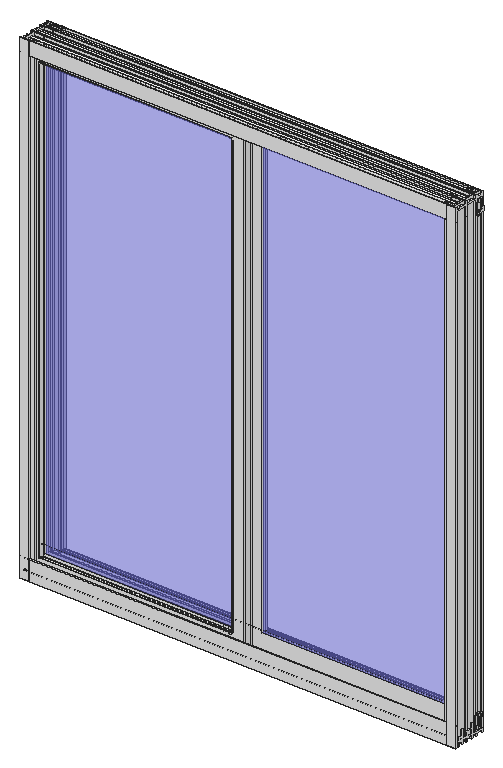
Revit family "DAL_A3-AGI-Hurricane-Sliding-Door-1829X2032", category Doors, host Wall, Revit 2016
Family settings
  Host = Wall
  Always vertical = Yes
  Cut with Voids When Loaded = No
  Shared = No
  Room Calculation Point = No
Parameters (values of type "AGI HURRICANE SLIDING DOOR 1829 X 2032")
  URL = "www.agi.co.za"
  Panel Width = Width / 2  # 914.5 mm
  Panel Height = Height - 60 mm  # 1972 mm
  Manufacturer = "AGI"
  Glass = Glass
  Function = Interior
  Frame Projection Ext. = 25 mm
  Frame Projection Int. = 25 mm
  Frame Width = 75 mm
  Height = 2032 mm
  Wall Closure = By host
  Width = 1829 mm
  Frame = Aluminium
Reference planes
  plane 1 "Center (Interior/Exterior)": y = 0
  plane 2 "Center (Left/Right)": x = 0
  plane 3 "Left": x = -914.5
  plane 4 "Right": x = 914.5
  plane 5: z = 2032
  plane 6 "Exterior": y = 75
  plane 7 "Interior": y = -75
  plane 8: x = -899.5
  plane 9: x = 899.5
Forms (mm)
  Sweep 1, solid, material "Aluminium" <- "Frame", detail levels medium+fine
    path origin (0, 0, 0) x (1, 0, 0) y (0, 0, 1)
      loop
        line (914.5, 0) -> (-914.5, 0)
    profile "HORIZONTAL side 2 frame profile : HORIZONTAL side 2 frame profile" origin (0, 0, 0) x (0, 0, -1) y (0, -1, 0)
      loop
        circle (-78.556, -42.746) r 2.183
      loop
        line (-74.056, -30.696) -> (-74.056, -50.658) -> (-68.556, -50.658) -> (-68.556, -45.177) -> (-66.556, -45.177) -> (-66.556, -52.658) -> (-74.056, -52.658) -> (-74.056, -62.658) -> (-59.594, -62.658) -> (-59.594, -54.658) -> (-23.594, -54.658) -> (-23.594, -45.177) -> (-33.594, -45.177)
        arc (-33.594, -45.177) -> (-31.094, -42.677) -> (-33.594, -40.177) r 2.5
        line (-33.594, -40.177) -> (-23.594, -40.177) -> (-23.594, -30.696) -> (-74.056, -30.696)
      loop
        line (-35.344, -12.481) -> (-17.882, -12.481) -> (-19.002, 8.886) -> (-24.445, 8.886)
        arc (-24.445, 8.886) -> (-34.344, 9.886) -> (-24.445, 10.886) r 5
        line (-24.445, 10.886) -> (-19.107, 10.886) -> (-20.241, 32.519) -> (-35.344, 32.519) -> (-35.344, 24.253) -> (-21.594, 24.253) -> (-21.594, 22.253) -> (-35.344, 22.253) -> (-35.344, -2.481) -> (-21.594, -2.481) -> (-21.594, -4.481) -> (-35.344, -4.481) -> (-35.344, -12.481)
      loop
        line (-14.738, -72.481) -> (0, -72.481) -> (0, -67.481) -> (-9.993, -67.481) -> (-11.042, -47.474)
        arc (-11.042, -47.474) -> (-9.21, -47.022) -> (-7.676, -45.923) r 5
        line (-7.676, -45.923) -> (-9.445, -44.154)
        arc (-9.445, -44.154) -> (-13.796, -42.677) -> (-9.73, -40.538) r 2.5
        line (-9.73, -40.538) -> (-7.958, -38.765)
        arc (-7.958, -38.765) -> (-9.634, -37.768) -> (-11.565, -37.488) r 5
        line (-11.565, -37.488) -> (-12.614, -17.481) -> (0, -17.481) -> (0, -12.481) -> (-12.876, -12.481) -> (-13.791, 4.982)
        arc (-13.791, 4.982) -> (-11.943, 5.439) -> (-10.395, 6.548) r 5.044
        line (-10.395, 6.548) -> (-12.164, 8.317)
        arc (-12.164, 8.317) -> (-16.595, 9.886) -> (-12.352, 11.91) r 2.544
        line (-12.352, 11.91) -> (0, 11.91) -> (0, 13.767) -> (-10.68, 13.767)
        arc (-10.68, 13.767) -> (-12.371, 14.774) -> (-14.319, 15.056) r 5.044
        line (-14.319, 15.056) -> (-15.234, 32.519) -> (0, 32.519) -> (0, 37.519) -> (-15.496, 37.519) -> (-16.019, 47.507)
        arc (-16.019, 47.507) -> (-14.188, 47.959) -> (-12.655, 49.057) r 5
        line (-12.655, 49.057) -> (-14.44, 50.842)
        arc (-14.44, 50.842) -> (-18.756, 52.37) -> (-14.623, 54.342) r 2.478
        line (-14.623, 54.342) -> (0, 54.342) -> (0, 56.216) -> (-12.935, 56.216)
        arc (-12.935, 56.216) -> (-14.612, 57.213) -> (-16.543, 57.493) r 5
        line (-16.543, 57.493) -> (-17.066, 67.481) -> (0, 67.481) -> (0, 72.481) -> (-83.056, 72.481) -> (-83.056, 67.481) -> (-22.073, 67.481) -> (-21.334, 53.37) -> (-24.445, 53.37)
        arc (-24.445, 53.37) -> (-34.344, 52.37) -> (-24.445, 51.37) r 5
        line (-24.445, 51.37) -> (-21.229, 51.37) -> (-20.503, 37.519) -> (-55, 37.519) -> (-55, 32.519) -> (-37.344, 32.519) -> (-37.344, 17.253) -> (-42.344, 17.253) -> (-42.344, 15.253) -> (-37.344, 15.253) -> (-37.344, -12.481) -> (-55, -12.481) -> (-55, -17.481) -> (-17.62, -17.481) -> (-16.352, -41.677) -> (-21.594, -41.677) -> (-21.594, -28.696) -> (-76.056, -28.696) -> (-76.056, -48.658) -> (-81.056, -48.658) -> (-81.056, -40.177) -> (-83.056, -40.177) -> (-83.056, -50.658) -> (-76.056, -50.658) -> (-76.056, -64.658) -> (-57.594, -64.658) -> (-57.594, -56.658) -> (-21.594, -56.658) -> (-21.594, -43.677) -> (-16.247, -43.677) -> (-14.738, -72.481)
  Sweep 2, solid, material "Aluminium" <- "Frame", detail levels medium+fine
    path origin (0, 0, 0) x (1, 0, 0) y (0, 0, 1)
      loop
        line (914.5, 2032) -> (914.5, 0)
    profile "SIDE Frame profile : SIDE Frame profile" origin (914.5, 0, 1016) x (1, 0, 0) y (0, -1, 0)
      loop
        line (-16, 55.481) -> (-18, 55.481) -> (-18, 20.481) -> (-58, 20.481) -> (-58, 11.481) -> (-73, 11.481) -> (-73, 9.481) -> (-50, 9.481) -> (-50, 11.481) -> (-56, 11.481) -> (-56, 18.481) -> (-16, 18.481) -> (-16, 55.481)
      loop
        line (-55, 62.481) -> (-55, 57.481) -> (-30, 57.481) -> (-30, 67.481) -> (-15, 67.481) -> (-15, 17.481) -> (-55, 17.481) -> (-55, 12.481) -> (-15, 12.481) -> (-15, -32.519) -> (-55, -32.519) -> (-55, -37.519) -> (-15, -37.519) -> (-15, -67.481) -> (-30, -67.481) -> (-30, -57.481) -> (-55, -57.481) -> (-55, -62.481) -> (-35, -62.481) -> (-35, -72.481) -> (0, -72.481) -> (0, -67.481) -> (-10, -67.481) -> (-10, -37.519) -> (0, -37.519) -> (0, -32.519) -> (-10, -32.519) -> (-10, 12.481) -> (0, 12.481) -> (0, 17.481) -> (-10, 17.481) -> (-10, 67.481) -> (0, 67.481) -> (0, 72.481) -> (-35, 72.481) -> (-35, 62.481) -> (-55, 62.481)
  Sweep 3, solid, material "Aluminium" <- "Frame", detail levels medium+fine
    path origin (0, 0, 0) x (1, 0, 0) y (0, 0, 1)
      loop
        line (-914.5, 2032) -> (-914.5, 0)
    profile "SIDE 2 Frame profile : SIDE 2 Frame profile" origin (-914.5, 0, 1016) x (1, 0, 0) y (0, -1, 0)
      loop
        circle (78.556, -42.784) r 2.183
      loop
        line (74.056, -40.734) -> (34.844, -40.734) -> (34.844, -54.696) -> (59.594, -54.696) -> (59.594, -70.481) -> (74.056, -70.481) -> (74.056, -52.696) -> (66.556, -52.696) -> (66.556, -45.215) -> (68.556, -45.215) -> (68.556, -50.696) -> (74.056, -50.696) -> (74.056, -40.734)
      loop
        line (76.056, -38.734) -> (21.594, -38.734) -> (21.594, -40.734) -> (32.344, -40.734) -> (32.344, -54.696) -> (21.594, -54.696) -> (21.594, -56.696) -> (57.594, -56.696) -> (57.594, -72.481) -> (76.056, -72.481) -> (76.056, -50.696) -> (83.056, -50.696) -> (83.056, -40.215) -> (81.056, -40.215) -> (81.056, -48.696) -> (76.056, -48.696) -> (76.056, -38.734)
      loop
        line (55, 62.481) -> (35, 62.481) -> (35, 72.481) -> (0, 72.481) -> (0, 67.481) -> (10, 67.481) -> (10, 17.481) -> (0, 17.481) -> (0, 12.481) -> (10, 12.481) -> (10, -32.519) -> (0, -32.519) -> (0, -37.519) -> (10, -37.519) -> (10, -67.481) -> (0, -67.481) -> (0, -72.481) -> (35, -72.481) -> (35, -62.481) -> (55, -62.481) -> (55, -57.481) -> (30, -57.481) -> (30, -67.481) -> (15, -67.481) -> (15, -37.519) -> (55, -37.519) -> (55, -32.519) -> (15, -32.519) -> (15, 12.481) -> (55, 12.481) -> (55, 17.481) -> (15, 17.481) -> (15, 67.481) -> (30, 67.481) -> (30, 57.481) -> (55, 57.481) -> (55, 62.481)
  Sweep 4, solid, material "Aluminium" <- "Frame", detail levels medium+fine
    path origin (0, 0, 0) x (1, 0, 0) y (0, 0, 1)
      loop
        line (-914.5, 2032) -> (914.5, 2032)
    profile "HORIZONTAL side frame profile : HORIZONTAL side frame profile" origin (0, 0, 2032) x (0, 0, 1) y (0, -1, 0)
      loop
        circle (-76.962, -52.568) r 2.183
      loop
        line (-72.462, -40.519) -> (-72.462, -60.481) -> (-66.962, -60.481) -> (-66.962, -55) -> (-64.962, -55) -> (-64.962, -62.481) -> (-72.462, -62.481) -> (-72.462, -72.481) -> (-58, -72.481) -> (-58, -64.481) -> (-22, -64.481) -> (-22, -55) -> (-32, -55)
        arc (-32, -55) -> (-29.5, -52.5) -> (-32, -50) r 2.5
        line (-32, -50) -> (-22, -50) -> (-22, -40.519) -> (-72.462, -40.519)
      loop
        line (-20, -38.519) -> (-74.462, -38.519) -> (-74.462, -58.481) -> (-79.462, -58.481) -> (-79.462, -50) -> (-81.462, -50) -> (-81.462, -60.481) -> (-74.462, -60.481) -> (-74.462, -74.481) -> (-56, -74.481) -> (-56, -66.481) -> (-20, -66.481) -> (-20, -38.519)
      loop
        line (-55, 72.481) -> (-55, 67.481) -> (-15, 67.481) -> (-15, 17.481) -> (-55, 17.481) -> (-55, 12.481) -> (-15, 12.481) -> (-15, -32.519) -> (-55, -32.519) -> (-55, -37.519) -> (-15, -37.519) -> (-15, -67.481) -> (-55, -67.481) -> (-55, -72.481) -> (0, -72.481) -> (0, -67.481) -> (-10, -67.481) -> (-10, -62.5)
        arc (-10, -62.5) -> (-6.173, -61.739) -> (-2.929, -59.571) r 10
        line (-2.929, -59.571) -> (-8.232, -54.268)
        arc (-8.232, -54.268) -> (-12.5, -52.5) -> (-8.232, -50.732) r 2.5
        line (-8.232, -50.732) -> (-2.929, -45.429)
        arc (-2.929, -45.429) -> (-6.173, -43.261) -> (-10, -42.5) r 10
        line (-10, -42.5) -> (-10, -37.519) -> (0, -37.519) -> (0, -32.519) -> (-10, -32.519) -> (-10, -20.019)
        arc (-10, -20.019) -> (-6.173, -19.258) -> (-2.929, -17.09) r 10
        line (-2.929, -17.09) -> (-8.232, -11.787)
        arc (-8.232, -11.787) -> (-12.5, -10.019) -> (-8.232, -8.251) r 2.5
        line (-8.232, -8.251) -> (-2.929, -2.948)
        arc (-2.929, -2.948) -> (-6.173, -0.78) -> (-10, -0.019) r 10
        line (-10, -0.019) -> (-10, 12.481) -> (0, 12.481) -> (0, 17.481) -> (-10, 17.481) -> (-10, 32.481)
        arc (-10, 32.481) -> (-6.173, 33.242) -> (-2.929, 35.41) r 10
        line (-2.929, 35.41) -> (-8.232, 40.713)
        arc (-8.232, 40.713) -> (-12.5, 42.481) -> (-8.232, 44.249) r 2.5
        line (-8.232, 44.249) -> (-2.929, 49.552)
        arc (-2.929, 49.552) -> (-6.173, 51.72) -> (-10, 52.481) r 10
        line (-10, 52.481) -> (-10, 67.481) -> (0, 67.481) -> (0, 72.481) -> (-55, 72.481)
Lines and regions (mm)
  Opening 1
    outline origin (-3050, -75, 0) x (1, 0, 0) y (0, 0, 1)
      loop
        line (2135.5, 0) -> (3964.5, 0) -> (3964.5, 2032) -> (2135.5, 2032) -> (2135.5, 0)
  symbolic lines, style "Overhead", detail levels coarse
    curve 1: line (-914.5, 75, 0) -> (914.5, 75, 0)
    curve 2: line (914.5, -75, 0) -> (-914.5, -75, 0)
  symbolic lines, style "Plan Swing"
    curve 3: line (524.605, 103.284, 0) -> (344.605, 103.284, 0)
    curve 4: line (344.605, 103.284, 0) -> (372.889, 131.569, 0)
    curve 5: line (344.605, 103.284, 0) -> (372.889, 75, 0)
  symbolic lines, style "Elevation Swing"
    curve 6: line (527, 0, 1023.344) -> (366, 0, 1023.344)
    curve 7: line (366, 0, 1023.344) -> (394.284, 0, 1051.628)
    curve 8: line (366, 0, 1023.344) -> (394.284, 0, 995.06)
  symbolic lines, style "DoorsPanelProjection", detail levels coarse
    curve 9: line (-914.5, -32.519, 0) -> (0, -32.519, 0)
    curve 10: line (0, 12.019, 0) -> (914.5, 12.019, 0)
Text (mm)
  text "Exterior" at (-2295.016, 1099.543, 0), in view "Ref. Level"
  text "Exterior" at (0, 1615.38, 3698.081), in view "Left"
  text "Exterior" at (0, 1036.032, 3874.932), in view "Right"
Dimensions and locks
  equal spacing: plane 3 "Left", plane 2 "Center (Left/Right)", plane 4 "Right"
  "Width": plane 3 "Left" to plane 4 "Right"
  "Height": plane 5 to host wall
  host wall to plane 5 = 2032 mm  (x2)
  locked: plane 6 "Exterior" to host wall at 0
  locked: plane 7 "Interior" to host wall
  locked: plane 3 "Left" to plane 8 at 15
  locked: plane 9 to plane 4 "Right" at 15
  aligned and locked: plane 3 "Left" to Opening 1 sketch curve
  aligned and locked: plane 5 to Opening 1 sketch curve  (x2)
  aligned and locked: Opening 1 sketch curve to plane 4 "Right"
  aligned and locked: Opening 1 sketch curve to level
  aligned and locked: plane 1 "Center (Interior/Exterior)" to host wall
  aligned and locked: level to Sweep 1 sketch curve
  aligned and locked: plane 4 "Right" to Sweep 1 sketch curve
  aligned and locked: plane 3 "Left" to Sweep 1 sketch curve
  aligned and locked: curve 2 to curve 1  (x2)
  aligned and locked: plane 3 "Left" to curve 1
  aligned and locked: plane 4 "Right" to curve 2
  aligned and locked: curve 2 to plane 7 "Interior"
  aligned and locked: plane 6 "Exterior" to curve 1
  aligned and locked: plane 4 "Right" to Sweep 2 sketch curve
  aligned and locked: plane 5 to Sweep 2 sketch curve
  aligned and locked: level to Sweep 2 sketch curve
  aligned and locked: plane 3 "Left" to Sweep 3 sketch curve
  aligned and locked: level to Sweep 3 sketch curve
  aligned and locked: plane 5 to Sweep 3 sketch curve
  aligned and locked: plane 5 to Sweep 4 sketch curve
  aligned and locked: plane 4 "Right" to Sweep 4 sketch curve
  aligned and locked: plane 3 "Left" to Sweep 4 sketch curve
  aligned and locked: Sweep 1 to nested 1
  aligned and locked: nested 2 to Sweep 1
  aligned and locked: nested 1 to plane 8
  aligned and locked: nested 2 to plane 9
  aligned and locked: nested 1 to Sweep 3
  aligned and locked: nested 2 to Sweep 2
  aligned and locked: plane 3 "Left" to curve 9
  aligned and locked: plane 2 "Center (Left/Right)" to curve 9
  aligned and locked: plane 2 "Center (Left/Right)" to curve 10
  aligned and locked: plane 4 "Right" to curve 10
  aligned and locked: curve 9 to Sweep 1
  aligned and locked: nested 2 to curve 10
Automatic sketch dimensions
  plane 2 "Center (Left/Right)" to curve 6 = 366 mm
  curve 6 to curve 7 = 28.284 mm  (x2)
  curve 6 to curve 8 = 28.284 mm
  curve 7 to curve 6 = 132.716 mm
  level to curve 8 = 995.06 mm
  host wall to curve 3 = 28.284 mm
  plane 2 "Center (Left/Right)" to curve 3 = 344.605 mm
  host wall to curve 4 = 56.569 mm
  curve 3 to curve 4 = 28.284 mm
  curve 4 to curve 3 = 151.716 mm
Nested families
  nested 1: "Hurricane sliding panel" at (-344.65, -60.388, 37.344), type "Hurricane sliding panel", detail levels medium+fine
    with Width 914.5 mm
  nested 2: "Hurricane sliding panel" at (539.85, 33.426, 37.344), type "Hurricane sliding panel", detail levels medium+fine
    with Width 914.5 mm
Definition of nested family "Hurricane sliding panel"
  Parameters
    Width = 762 mm
    RHS SWING = no
    LHS SWING = no
    Height = 1972 mm
    Glass = none
    Frame = none
    Assembly Code = ""
  Reference planes
    plane 1 "Center (Front/Back)": y = 21.407
    plane 2 "Ref.level plane": z = 0
    plane 3 "Center (Left/Right)": x = -97.6
    plane 4 "Right": x = 283.4
    plane 5 "Left": x = -478.6
    plane 6 "Top": z = 1972
    plane 7 "GLASS 1": y = 37.907
    plane 8 "GLASS 2": y = 22.907
    plane 9 "PVB 1": y = 31.657
    plane 10 "PVB 2": y = 29.157
    plane 11: x = -427.35
    plane 12: x = 232.15
    plane 13: z = 1921
    plane 14: z = 986
    plane 15: z = 51
  Forms (mm)
    Sweep 1, solid, material <- "Frame"
      path origin (0, 21.407, 0) x (1, 0, 0) y (0, 0, 1)
        loop
          line (-478.6, 1972) -> (-478.6, 0) -> (283.4, 0) -> (283.4, 1972) -> (-478.6, 1972)
      profile "Panel profile : Panel profile" origin (-478.6, 21.407, 986) x (1, 0, 0) y (0, -1, 0)
        loop
          line (45.703, 13.5) -> (10, 13.5) -> (10, -8.772)
          arc (10, -8.772) -> (11.294, -8.942) -> (12.5, -9.442) r 5
          line (12.5, -9.442) -> (11.25, -11.607)
          arc (11.25, -11.607) -> (7.771, -14.904) -> (12.486, -14.039) r 2.5
          line (12.486, -14.039) -> (14.993, -14.039)
          arc (14.993, -14.039) -> (14.754, -15.323) -> (14.19, -16.5) r 5
          line (14.19, -16.5) -> (48.75, -16.5) -> (48.75, 8.778)
          arc (48.75, 8.778) -> (52.173, 12.178) -> (47.5, 10.976) r 2.5
          line (47.5, 10.976) -> (45, 10.976)
          arc (45, 10.976) -> (45.184, 12.285) -> (45.703, 13.5) r 5
        loop
          line (52.5, 18.5) -> (0, 18.5) -> (0, 13.5) -> (5, 13.5) -> (5, -16.5) -> (0, -16.5) -> (0, -21.5) -> (65, -21.5) -> (65, -16.5) -> (51.25, -16.5) -> (51.25, -1.5) -> (65, -1.5) -> (65, 3.5) -> (55, 3.5) -> (55, 16)
          arc (55, 16) -> (54.268, 17.768) -> (52.5, 18.5) r 2.5
    Extrusion 2, solid, material <- "Glass"
      sketch origin (0, 37.907, 0) x (-1, 0, 0) y (0, 0, 1)
        loop
          line (427.35, 51) -> (427.35, 1921) -> (-232.15, 1921) -> (-232.15, 51) -> (427.35, 51)
      from 0 to -6.25
    Extrusion 3, solid, material <- "Glass"
      sketch origin (0, 22.907, 0) x (1, 0, 0) y (0, 0, 1)
        loop
          line (-427.35, 51) -> (232.15, 51) -> (232.15, 1921) -> (-427.35, 1921) -> (-427.35, 51)
      from 0 to -6.25
    Extrusion 4, solid
      sketch origin (0, 31.657, 0) x (-1, 0, 0) y (0, 0, 1)
        loop
          line (427.35, 51) -> (427.35, 1921) -> (-232.15, 1921) -> (-232.15, 51) -> (427.35, 51)
      from 0 to -2.5
  Dimensions and locks
    equal spacing: plane 5 "Left", plane 3 "Center (Left/Right)", plane 4 "Right"
    "Height": plane 6 "Top" to plane 2 "Ref.level plane"
    plane 1 "Center (Front/Back)" to plane 8 "GLASS 2" to plane 10 "PVB 2" to plane 9 "PVB 1" to plane 7 "GLASS 1" = 1.5 mm locked, 6.25 mm locked, 2.5 mm locked, 6.25 mm locked
    locked: plane 12 to plane 4 "Right" at 51.25
    locked: plane 5 "Left" to plane 11 at 51.25
    equal spacing: plane 6 "Top", plane 14, plane 2 "Ref.level plane"
    locked: plane 15 to plane 2 "Ref.level plane" at 51
    locked: plane 6 "Top" to plane 13 at 51
    "Width": plane 5 "Left" to plane 4 "Right"
    aligned and locked: level to plane 2 "Ref.level plane"
    aligned and locked: Sweep 1 sketch curve to plane 5 "Left"
    aligned and locked: Sweep 1 sketch curve to plane 2 "Ref.level plane"
    aligned and locked: Sweep 1 sketch curve to plane 4 "Right"
    aligned and locked: Sweep 1 sketch curve to plane 6 "Top"
    aligned and locked: plane 11 to Extrusion 2 sketch curve
    aligned and locked: plane 13 to Extrusion 2 sketch curve
    aligned and locked: plane 12 to Extrusion 2 sketch curve
    aligned and locked: Extrusion 2 sketch curve to plane 15
    aligned and locked: Extrusion 2 to plane 9 "PVB 1"
    aligned and locked: plane 7 "GLASS 1" to Extrusion 2
    aligned and locked: Extrusion 3 sketch curve to plane 11
    aligned and locked: Extrusion 3 sketch curve to plane 13
    aligned and locked: plane 15 to Extrusion 3 sketch curve
    aligned and locked: Extrusion 3 sketch curve to plane 12
    aligned and locked: Extrusion 3 to plane 8 "GLASS 2"
    aligned and locked: Extrusion 3 to plane 10 "PVB 2"
    aligned and locked: plane 11 to Extrusion 4 sketch curve
    aligned and locked: plane 13 to Extrusion 4 sketch curve
    aligned and locked: plane 12 to Extrusion 4 sketch curve
    aligned and locked: Extrusion 4 sketch curve to plane 15
    aligned and locked: plane 10 "PVB 2" to Extrusion 4
